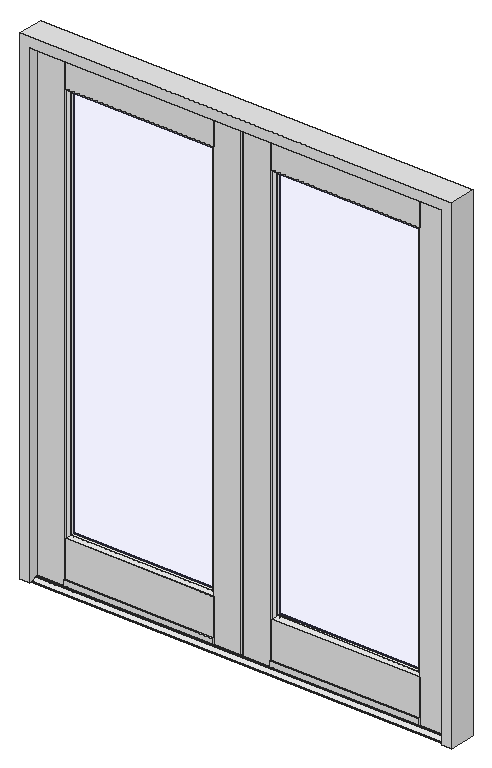
Revit family "kawneer-500_widestile-pr-ctr-03_17321", category Doors, host Wall, Revit 2015
Parameters (values of type "(2)3' x 7' B.R. 7 1/2"")
  URL = "http://www.kawneer.com/kawneer/north_america/en/product.asp?cat_id=1339&prod_id=1816"
  Type Comments = "CENTER HUNG"
  Thickness = 0' - 1 3/4"
  Stile Width = 0' - 5"
  Rough Width = Width + 0' 4"  # 3' - 4"
  Rough Height = Height + 0' 2"  # 7' - 2"
  Product data url = "https://bimobject.com/kawneerna/product/17196"
  Operation = ""
  Opening Width = Width * 2  # 6' - 0"
  Model = "Pair 500 Wide Stile Door Center Set B.R. 7 1/2\""
  Manufacturer = "Kawneer"
  Height = 7' - 0"
  Wall Closure = By host
  Width = 3' - 0"
  Function = Interior
  Door Panel = Kawneer - Fluropon_Bone White-391X035
  Door Glazing = Glass
  Door Frame = Kawneer - Fluropon_Bone White-391X035
  Description = "The \"500\" wide stile entrance door features dual-moment corner construction, and it creates a monumental visual appearance for banks, libraries or buildings experiencing the heaviest traffic conditions."
  Bottom Rail Height = 0' - 7 1/2"
  Assembly Code = "B2030110"
Types (2): name | Operation | Model | Bottom Rail Height
  (2)3' x 7' B.R. 6 1/2" | " " | "Pair 500 Wide Stile Door Center Set B.R. 6 1/2\"" | 0' - 6 1/2"
  (2)3' x 7' B.R. 7 1/2" | "" | "Pair 500 Wide Stile Door Center Set B.R. 7 1/2\"" | 0' - 7 1/2"
Reference planes (in)
  plane 1: y = 0
  plane 2 "Center": x = 0
  plane 3 "Left": x = -36
  plane 4 "Right": x = 36
  plane 5 "Top": z = 84
  plane 6 "Glass center": y = 0.125
  plane 7: z = 8.1875
  plane 8: z = 0.6875
  plane 9: x = 34.125
  plane 10: x = -34.125
  plane 11: x = -31.15625
Forms (in)
  Sweep 1, solid, material "Kawneer - Fluropon_Bone White-391X035" <- "Door Frame"
    path origin (-60, 3, 0) x (-1, 0, 0) y (0, 0, 1)
      loop
        line (-96, 0) -> (-96, 84) -> (-24, 84) -> (-24, 0)
    profile origin (0, 0, 42) x (1, 0, 0) y (0, 1, 0)
      loop
        line (38, 2.25) -> (36.25, 2.25) -> (36.25, -2.25) -> (38, -2.25) -> (38, 2.25)
  Extrusion 2, solid, material "Glass" <- "Door Glazing"
    sketch origin (0, 0.125, 0) x (1, 0, 0) y (0, 0, 1)
      loop
        line (30.96875, 8.375) -> (30.96875, 81.4375) -> (5.41915, 81.4375) -> (5.41915, 8.375) -> (30.96875, 8.375)
    from 0 to 0.25
  Extrusion 3, solid, material "Kawneer - Fluropon_Bone White-391X035" <- "Door Panel"
    sketch origin (0, -1.625, 0.15278) x (0, 1, 0) y (0, 0, 1)
      loop
        line (2.5, 0.53472) -> (2.5, 8.03472) -> (2.43512, 8.03472) -> (2.0085, 8.56703) -> (1.94736, 8.56703)
        arc (1.94736, 8.56703) -> (1.82437, 8.6428) -> (1.75, 8.76663) r 0.30526
        line (1.75, 8.76663) -> (1.75, 8.22222) -> (1.5, 8.22222) -> (1.5, 8.76663)
        arc (1.5, 8.76663) -> (1.42562, 8.6428) -> (1.30264, 8.56703) r 0.30526
        line (1.30264, 8.56703) -> (1.2675, 8.56703) -> (0.82596, 8.03472) -> (0.75, 8.03472) -> (0.75, 1.5921) -> (0.51155, 1.52781) -> (0.51155, 0.64322) -> (0.59155, 0.64322) -> (0.71055, 0.41022)
        arc (0.71055, 0.41022) -> (0.74752, 0.3939) -> (0.76384, 0.43087) r 0.02858
        line (0.76384, 0.43087) -> (0.68155, 0.64322) -> (0.75, 0.64322) -> (0.75, 0.53472) -> (0.888, 0.53472) -> (0.888, 1.25347) -> (2.388, 1.25347) -> (2.388, 0.53472) -> (2.5, 0.53472)
      loop
        line (0.901, 1.37847) -> (2.375, 1.37847) -> (2.375, 7.53572)
        arc (2.375, 7.53572) -> (2.25594, 7.55359) -> (2.201, 7.66072) r 0.1319
        line (2.201, 7.66072) -> (2.201, 7.84722) -> (1.075, 7.84722) -> (1.075, 7.66072)
        arc (1.075, 7.66072) -> (1.02006, 7.55359) -> (0.901, 7.53572) r 0.1319
        line (0.901, 7.53572) -> (0.901, 1.37847)
    from 5.06928 to 31.15625
  Extrusion 4, solid, material "Kawneer - Fluropon_Bone White-391X035" <- "Door Frame", detail levels medium+fine
    sketch origin (0, -1.625, 0) x (0, 1, 0) y (0, 0, 1)
      loop
        line (2.40824, 0.342) -> (2.82032, 0.342) -> (3.31016, 0.1166)
        arc (3.31016, 0.1166) -> (3.33645, 0.09372) -> (3.34624, 0.06027) r 0.062
        line (3.34624, 0.06027) -> (3.34624, 0) -> (3.62824, 0) -> (3.62824, 0.10205)
        arc (3.62824, 0.10205) -> (3.62318, 0.11931) -> (3.60962, 0.13112) r 0.032
        line (3.60962, 0.13112) -> (2.80798, 0.5) -> (2.67111, 0.5)
        arc (2.67111, 0.5) -> (2.63911, 0.468) -> (2.60711, 0.5) r 0.032
        line (2.60711, 0.5) -> (2.45311, 0.5)
        arc (2.45311, 0.5) -> (2.42111, 0.468) -> (2.38911, 0.5) r 0.032
        line (2.38911, 0.5) -> (2.25324, 0.5) -> (2.25324, 0.45) -> (1.00324, 0.45) -> (1.00324, 0.5) -> (0.86737, 0.5)
        arc (0.86737, 0.5) -> (0.83537, 0.468) -> (0.80337, 0.5) r 0.032
        line (0.80337, 0.5) -> (0.64937, 0.5)
        arc (0.64937, 0.5) -> (0.61737, 0.468) -> (0.58537, 0.5) r 0.032
        line (0.58537, 0.5) -> (0.4485, 0.5) -> (-0.35314, 0.13112)
        arc (-0.35314, 0.13112) -> (-0.36671, 0.11931) -> (-0.37176, 0.10205) r 0.032
        line (-0.37176, 0.10205) -> (-0.37176, 0) -> (-0.08976, 0) -> (-0.08976, 0.06027)
        arc (-0.08976, 0.06027) -> (-0.07997, 0.09372) -> (-0.05368, 0.1166) r 0.062
        line (-0.05368, 0.1166) -> (0.43616, 0.342) -> (0.84724, 0.342) -> (0.84724, 0.28492) -> (2.40824, 0.28492) -> (2.40824, 0.342)
    from -36.25 to 36.25
  Extrusion 5, solid, material "Kawneer - Fluropon_Bone White-391X035" <- "Door Panel"
    sketch origin (0, 0, 0) x (1, 0, 0) y (0, 1, 0)
      loop
        line (5.59928, 0.3705) -> (5.06928, 0.81012) -> (5.06928, 0.875) -> (0.22765, 0.875)
        arc (0.22765, 0.875) -> (0.12658, 0.56805) -> (0.06928, 0.25) r 2.3125
        line (0.06928, 0.25) -> (0.25578, 0.25)
        arc (0.25578, 0.25) -> (0.31928, 0.312) -> (0.38178, 0.249) r 0.063
        line (0.38178, 0.249) -> (0.38178, -0.249)
        arc (0.38178, -0.249) -> (0.31928, -0.312) -> (0.25578, -0.25) r 0.063
        line (0.25578, -0.25) -> (0.06928, -0.25)
        arc (0.06928, -0.25) -> (0.12658, -0.56805) -> (0.22765, -0.875) r 2.3125
        line (0.22765, -0.875) -> (5.06928, -0.875) -> (5.06928, -0.81012) -> (5.59928, -0.3705) -> (5.59928, -0.30936)
        arc (5.59928, -0.30936) -> (5.66239, -0.19967) -> (5.76456, -0.125) r 0.30526
        line (5.76456, -0.125) -> (5.41915, -0.125) -> (5.41915, 0.125) -> (5.76456, 0.125)
        arc (5.76456, 0.125) -> (5.66239, 0.19967) -> (5.59928, 0.30936) r 0.30526
        line (5.59928, 0.30936) -> (5.59928, 0.3705)
    from 0.6875 to 84
  Extrusion 6, solid, material "Glass" <- "Door Glazing"
    sketch origin (0, 0.125, 0) x (-1, 0, 0) y (0, 0, -1)
      loop
        line (30.96875, -8.375) -> (5.41915, -8.375) -> (5.41915, -81.4375) -> (30.96875, -81.4375) -> (30.96875, -8.375)
    from 0 to 0.25
  Extrusion 7, solid, material "Kawneer - Fluropon_Bone White-391X035" <- "Door Panel"
    sketch origin (0, -1.625, 0.15278) x (0, 1, 0) y (0, 0, -1)
      loop
        line (2.5, -0.53472) -> (2.388, -0.53472) -> (2.388, -1.25347) -> (0.888, -1.25347) -> (0.888, -0.53472) -> (0.75, -0.53472) -> (0.75, -0.64322) -> (0.68155, -0.64322) -> (0.76384, -0.43087)
        arc (0.76384, -0.43087) -> (0.74752, -0.3939) -> (0.71055, -0.41022) r 0.02858
        line (0.71055, -0.41022) -> (0.59155, -0.64322) -> (0.51155, -0.64322) -> (0.51155, -1.52781) -> (0.75, -1.5921) -> (0.75, -8.03472) -> (0.82596, -8.03472) -> (1.2675, -8.56703) -> (1.30264, -8.56703)
        arc (1.30264, -8.56703) -> (1.42562, -8.6428) -> (1.5, -8.76663) r 0.30526
        line (1.5, -8.76663) -> (1.5, -8.22222) -> (1.75, -8.22222) -> (1.75, -8.76663)
        arc (1.75, -8.76663) -> (1.82437, -8.6428) -> (1.94736, -8.56703) r 0.30526
        line (1.94736, -8.56703) -> (2.0085, -8.56703) -> (2.43512, -8.03472) -> (2.5, -8.03472) -> (2.5, -0.53472)
      loop
        line (0.901, -1.37847) -> (0.901, -7.53572)
        arc (0.901, -7.53572) -> (1.02006, -7.55359) -> (1.075, -7.66072) r 0.1319
        line (1.075, -7.66072) -> (1.075, -7.84722) -> (2.201, -7.84722) -> (2.201, -7.66072)
        arc (2.201, -7.66072) -> (2.25594, -7.55359) -> (2.375, -7.53572) r 0.1319
        line (2.375, -7.53572) -> (2.375, -1.37847) -> (0.901, -1.37847)
    from 5.06928 to 31.15625
  Extrusion 8, solid, material "Kawneer - Fluropon_Bone White-391X035" <- "Door Panel"
    sketch origin (0, -0.125, 23.875) x (0, 1, 0) y (0, 0, 1)
      loop
        line (-0.75, 60.125) -> (-0.75, 55.125) -> (-0.70972, 55.125) -> (-0.24521, 54.565) -> (-0.15138, 54.565) -> (0, 54.41362) -> (0, 54.9075) -> (0.24999, 54.9075) -> (0.24999, 54.44982) -> (0.40117, 54.565) -> (0.49715, 54.565) -> (0.93677, 55.125) -> (1, 55.125) -> (1, 60.125) -> (0.93512, 60.125) -> (0.93512, 59.25) -> (-0.68512, 59.25) -> (-0.68512, 60.125) -> (-0.75, 60.125)
    from 5.06928 to 31.15625
  Extrusion 9, solid, material "Kawneer - Fluropon_Bone White-391X035" <- "Door Panel"
    sketch origin (0, -0.125, 23.875) x (0, 1, 0) y (0, 0, -1)
      loop
        line (-0.75, -60.125) -> (-0.68512, -60.125) -> (-0.68512, -59.25) -> (0.93512, -59.25) -> (0.93512, -60.125) -> (1, -60.125) -> (1, -55.125) -> (0.93677, -55.125) -> (0.49715, -54.595) -> (0.40117, -54.595) -> (0.24999, -54.44982) -> (0.24999, -54.9375) -> (0, -54.9375) -> (0, -54.46231) -> (-0.15138, -54.595) -> (-0.24521, -54.595) -> (-0.68484, -55.125) -> (-0.75, -55.125) -> (-0.75, -60.125)
    from 5.06928 to 31.15625
  Extrusion 10, solid, material "Kawneer - Fluropon_Bone White-391X035" <- "Door Panel"
    sketch origin (36.22553, 0, 0) x (-1, 0, 0) y (0, -1, 0)
      loop
        line (0.22766, -0.875) -> (5.06928, -0.875) -> (5.06928, -0.81012) -> (5.59928, -0.3705) -> (5.59928, -0.30936)
        arc (5.59928, -0.30936) -> (5.66239, -0.19967) -> (5.76456, -0.125) r 0.30526
        line (5.76456, -0.125) -> (5.25678, -0.125) -> (5.25678, 0.125) -> (5.76456, 0.125)
        arc (5.76456, 0.125) -> (5.66239, 0.19967) -> (5.59928, 0.30936) r 0.30526
        line (5.59928, 0.30936) -> (5.59928, 0.3705) -> (5.06928, 0.81012) -> (5.06928, 0.875) -> (0.22765, 0.875)
        arc (0.22765, 0.875) -> (0.12658, 0.56805) -> (0.06928, 0.25) r 2.3125
        line (0.06928, 0.25) -> (0.25578, 0.25)
        arc (0.25578, 0.25) -> (0.31928, 0.312) -> (0.38178, 0.249) r 0.063
        line (0.38178, 0.249) -> (0.38178, -0.249)
        arc (0.38178, -0.249) -> (0.31928, -0.312) -> (0.25578, -0.25) r 0.063
        line (0.25578, -0.25) -> (0.06928, -0.25)
        arc (0.06928, -0.25) -> (0.12658, -0.56805) -> (0.22766, -0.875) r 2.3125
    from 0.6875 to 84
  Extrusion 11, solid, material "Kawneer - Fluropon_Bone White-391X035" <- "Door Panel"
    sketch origin (-36.22553, 0, 0) x (1, 0, 0) y (0, 1, 0)
      loop
        arc (0.22766, 0.875) -> (0.12658, 0.56805) -> (0.06928, 0.25) r 2.3125
        line (0.06928, 0.25) -> (0.25578, 0.25)
        arc (0.25578, 0.25) -> (0.31928, 0.312) -> (0.38178, 0.249) r 0.063
        line (0.38178, 0.249) -> (0.38178, -0.249)
        arc (0.38178, -0.249) -> (0.31928, -0.312) -> (0.25578, -0.25) r 0.063
        line (0.25578, -0.25) -> (0.06928, -0.25)
        arc (0.06928, -0.25) -> (0.12658, -0.56805) -> (0.22765, -0.875) r 2.3125
        line (0.22765, -0.875) -> (5.06928, -0.875) -> (5.06928, -0.81012) -> (5.59928, -0.3705) -> (5.59928, -0.30936)
        arc (5.59928, -0.30936) -> (5.66239, -0.19967) -> (5.76456, -0.125) r 0.30526
        line (5.76456, -0.125) -> (5.25678, -0.125) -> (5.25678, 0.125) -> (5.76456, 0.125)
        arc (5.76456, 0.125) -> (5.66239, 0.19967) -> (5.59928, 0.30936) r 0.30526
        line (5.59928, 0.30936) -> (5.59928, 0.3705) -> (5.06928, 0.81012) -> (5.06928, 0.875) -> (0.22766, 0.875)
    from 0.6875 to 84
  Extrusion 12, solid, material "Kawneer - Fluropon_Bone White-391X035" <- "Door Panel"
    sketch origin (0, 0, 0) x (-1, 0, 0) y (0, -1, 0)
      loop
        line (5.59928, -0.3705) -> (5.59928, -0.30936)
        arc (5.59928, -0.30936) -> (5.66239, -0.19967) -> (5.76456, -0.125) r 0.30526
        line (5.76456, -0.125) -> (5.41915, -0.125) -> (5.41915, 0.125) -> (5.76456, 0.125)
        arc (5.76456, 0.125) -> (5.66239, 0.19967) -> (5.59928, 0.30936) r 0.30526
        line (5.59928, 0.30936) -> (5.59928, 0.3705) -> (5.06928, 0.81012) -> (5.06928, 0.875) -> (0.22765, 0.875)
        arc (0.22765, 0.875) -> (0.12658, 0.56805) -> (0.06928, 0.25) r 2.3125
        line (0.06928, 0.25) -> (0.25578, 0.25)
        arc (0.25578, 0.25) -> (0.31928, 0.312) -> (0.38178, 0.249) r 0.063
        line (0.38178, 0.249) -> (0.38178, -0.249)
        arc (0.38178, -0.249) -> (0.31928, -0.312) -> (0.25578, -0.25) r 0.063
        line (0.25578, -0.25) -> (0.06928, -0.25)
        arc (0.06928, -0.25) -> (0.12658, -0.56805) -> (0.22765, -0.875) r 2.3125
        line (0.22765, -0.875) -> (5.06928, -0.875) -> (5.06928, -0.81012) -> (5.59928, -0.3705)
    from 0.6875 to 84
Lines and regions (in)
  Opening 1
    outline origin (-90, -3, 0) x (1, 0, 0) y (0, 0, 1)
      loop
        line (52, 0) -> (128, 0) -> (128, 86) -> (52, 86) -> (52, 0)
  symbolic lines, style "Elevation Swing"
    curve 1: line (-0.38178, 3, 0.6875) -> (-36, 3, 42)
    curve 2: line (-36, 3, 42) -> (-0.22766, 3, 84.125)
    curve 10: line (0.38178, 3, 0.6875) -> (36, 3, 45.625)
    curve 11: line (36, 3, 45.625) -> (0.22766, 3, 84.125)
  symbolic lines
    curve 3: line (-36, 1, 0) -> (-34.25, 1, 0)
    curve 4: line (-36, 38.25, 0) -> (-36, 1, 0)
    curve 5: line (-34.25, 38.25, 0) -> (-36, 38.25, 0)
    curve 6: line (-34.25, 1, 0) -> (-34.25, 38.25, 0)
    curve 7: arc (-36, 38.25, 0) -> (-10.54416, 27.70584, 0) -> (0, 2.25, 0) r 36
    curve 12: line (36, 1, 0) -> (34.25, 1, 0)
    curve 13: line (36, 38.25, 0) -> (36, 1, 0)
    curve 14: line (34.25, 38.25, 0) -> (36, 38.25, 0)
    curve 15: line (34.25, 1, 0) -> (34.25, 38.25, 0)
    curve 16: arc (36, 38.25, 0) -> (10.54416, 27.70584, 0) -> (0, 2.25, 0) r 36
  model lines
    curve 8: line (0.06928, -1.19557, 0) -> (-0.06928, -1.19557, 0)
    curve 9: line (-0.06928, -1.19557, 0) -> (0.06928, -1.19557, 0)
Text (in)
  text "Exterior" at (-58.67754, 27.31104, 0), in view "Floor Line"
  text "Interior" at (-58.34764, -25.14366, 0), in view "Floor Line"
  text "Exterior" at (0, 40.15149, 123.01588), in view "Right"
  text "Interior" at (0, -64.39139, 123.01588), in view "Right"
  text "Interior" at (0, -31.01599, 123.00693), in view "Left"
  text "Exterior" at (0, 54.57065, 123.00693), in view "Left"
Dimensions and locks (in)
  equal spacing: plane 3 "Left", plane 2 "Center", plane 4 "Right"
  "Height": level to plane 5 "Top"
  "Opening Width": plane 3 "Left" to plane 4 "Right"
  equal spacing: host wall, curve 2, plane 5 "Top"
  locked: plane 4 "Right" to Opening 1 sketch curve at 2
  locked: Opening 1 sketch curve to plane 3 "Left" at 2
  locked: plane 5 "Top" to Opening 1 sketch curve at 2
  locked: Sweep 1 sketch curve to Sweep 1 sketch curve at 4.5
  locked: profile plane to Sweep 1 sketch curve at 2
  "Width": curve 5 to Sweep 1
  "Thickness": plane 3 "Left" to curve 6
  locked: Sweep 1 to Sweep 1 at 1.75  (x2)
  locked: plane 8 to level at 0.6875
  "Bottom Rail Height": plane 7 to plane 8
  equal spacing: Sweep 1 sketch curve, host wall, Sweep 1 sketch curve
  locked: Extrusion 8 sketch curve to Extrusion 8 sketch curve at 1.75
  locked: Extrusion 9 sketch curve to Extrusion 9 sketch curve at 1.75
  locked: plane 3 "Left" to plane 10 at 1.875
  locked: plane 9 to plane 4 "Right" at 1.875
  "Stile Width": Extrusion 10 sketch curve to Extrusion 10 sketch curve
  locked: Extrusion 10 sketch curve to Sweep 1 at 0.09375
  "Stile Width": Extrusion 8 to plane 5 "Top"
  locked: Extrusion 8 sketch curve to Extrusion 8 sketch curve at 0.67518
  "Stile Width": Extrusion 9 sketch curve to plane 5 "Top"
  "Stile Width": Extrusion 11 sketch curve to Extrusion 11 sketch curve
  locked: plane 11 to plane 3 "Left" at 4.84375
  aligned and locked: Opening 1 sketch curve to level
  aligned and locked: plane 3 "Left" to curve 1
  aligned and locked: plane 4 "Right" to Sweep 1 sketch curve
  aligned and locked: Sweep 1 sketch curve to plane 3 "Left"
  aligned and locked: plane 5 "Top" to Sweep 1 sketch curve
  aligned and locked: plane 7 to Extrusion 3 sketch curve  (x2)
  aligned and locked: plane 8 to Extrusion 3
  aligned and locked: Extrusion 4 to Sweep 1  (x2)
  aligned and locked: Extrusion 5 to plane 8
  aligned and locked: Extrusion 8 sketch curve to Extrusion 8 sketch curve  (x2)
  aligned and locked: Extrusion 9 sketch curve to Extrusion 9 sketch curve  (x2)
  aligned and locked: Extrusion 10 sketch curve to Extrusion 10 sketch curve
  aligned and locked: Extrusion 2 to Extrusion 10
  aligned and locked: Extrusion 3 to Extrusion 10
  aligned and locked: Extrusion 8 to Extrusion 10
  aligned and locked: Extrusion 11 sketch curve to Extrusion 11 sketch curve
  aligned and locked: Extrusion 9 to plane 11
  aligned and locked: Extrusion 7 to plane 11
  aligned and locked: Extrusion 6 to Extrusion 11
  aligned and locked: Extrusion 2 to Extrusion 5
  aligned and locked: Extrusion 10 to plane 5 "Top"
  aligned and locked: Extrusion 11 to plane 5 "Top"
  aligned and locked: Extrusion 6 to Extrusion 12
  aligned and locked: Extrusion 5 to plane 5 "Top"
  aligned and locked: Extrusion 12 to plane 5 "Top"
Automatic sketch dimensions
  curve 3 to plane 3 "Left" = 0' - 0"
  curve 7 to plane 2 "Center" = 0' - 0"
  curve 3 to plane 6 "Glass center" = 0' - 0 7/8"
  curve 1 to plane 8 = 0' - 0"
  curve 2 to plane 5 "Top" = 0' - 0 1/8"
  curve 1 to plane 2 "Center" = 0' - 0.38178"
  curve 2 to plane 2 "Center" = 0' - 0.22766"
  Sweep 1 sketch curve to level = 0' - 0"  (x2)
  Sweep 1 sketch curve to profile plane = 0' - 0 1/4"
  plane 7 to Extrusion 2 sketch curve = 0' - 0 3/16"
  plane 2 "Center" to Extrusion 2 sketch curve = 0' - 5.41915"
  plane 5 "Top" to Extrusion 2 sketch curve = 0' - 2 9/16"
  plane 9 to Extrusion 2 sketch curve = 0' - 3 5/32"
  Extrusion 3 sketch curve to plane 8 = 0' - 0"  (x2)
  Extrusion 3 sketch curve to plane 6 "Glass center" = 0' - 0"
  host wall to Extrusion 3 sketch curve = 0' - 0 1/8"
  Extrusion 3 sketch curve to Extrusion 3 sketch curve = 0' - 0.19736"
  Extrusion 3 sketch curve to Extrusion 3 sketch curve = 0' - 0 9/256"
  Extrusion 3 sketch curve to Extrusion 3 sketch curve = 0' - 0.05894"
  host wall to Extrusion 3 sketch curve = 0' - 0.55"
  Extrusion 3 sketch curve to Extrusion 3 sketch curve = 0' - 0.1319"  (x2)
  Extrusion 3 sketch curve to Extrusion 3 sketch curve = 0' - 0.0421"  (x2)
  Extrusion 3 sketch curve to Extrusion 3 sketch curve = 0' - 0.013"
  Extrusion 3 sketch curve to Extrusion 3 sketch curve = 0' - 0.24904"
  Extrusion 3 sketch curve to plane 8 = 0' - 0.10384"
  Extrusion 3 sketch curve to Extrusion 3 sketch curve = 0' - 0.12416"
  Extrusion 3 sketch curve to Extrusion 3 sketch curve = 0' - 0.01384"
  Extrusion 3 sketch curve to Extrusion 3 sketch curve = 0' - 0.07596"
  Extrusion 3 sketch curve to Extrusion 3 sketch curve = 0' - 0.02665"  (x2)
  Extrusion 3 sketch curve to plane 8 = 0' - 0.1245"
  Extrusion 3 sketch curve to Extrusion 3 sketch curve = 0' - 0.06845"
  plane 8 to Extrusion 3 sketch curve = 0' - 0.1085"
  Extrusion 3 sketch curve to Extrusion 3 sketch curve = 0' - 0.09"
  Extrusion 3 sketch curve to Extrusion 3 sketch curve = 0' - 0.23845"
  Extrusion 3 sketch curve to plane 6 "Glass center" = 0' - 0.19736"
  Extrusion 3 sketch curve to Extrusion 3 sketch curve = 0' - 0.06114"
  Extrusion 3 sketch curve to plane 6 "Glass center" = 0' - 0.29144"
  Extrusion 3 sketch curve to plane 6 "Glass center" = 0' - 0.451"
  Extrusion 3 sketch curve to plane 6 "Glass center" = 0' - 0.638"
  Extrusion 3 sketch curve to Extrusion 3 sketch curve = 0' - 0.23412"
  Extrusion 3 sketch curve to Extrusion 3 sketch curve = 0' - 0.06488"
  Extrusion 3 sketch curve to Extrusion 3 sketch curve = 0' - 0"  (x2)
  plane 8 to Extrusion 3 sketch curve = 0' - 0 23/32"
  Extrusion 3 sketch curve to Extrusion 3 sketch curve = 0' - 0 1/8"
  Extrusion 3 sketch curve to Extrusion 3 sketch curve = 0' - 0.14935"
  Extrusion 3 sketch curve to Extrusion 3 sketch curve = 0' - 0.06429"
  Extrusion 3 sketch curve to plane 7 = 0' - 0.499"  (x2)
  Extrusion 3 sketch curve to Extrusion 3 sketch curve = 0' - 0.1865"
  plane 7 to Extrusion 3 sketch curve = 0' - 0 3/16"
  Extrusion 3 sketch curve to Extrusion 3 sketch curve = 0' - 0.34482"  (x2)
  Extrusion 3 sketch curve to Extrusion 3 sketch curve = 0' - 0.1996"
  Extrusion 4 sketch curve to level = 0' - 0"  (x2)
  level to Extrusion 4 sketch curve = 0' - 0.10205"  (x2)
  Extrusion 4 sketch curve to host wall = 0' - 1.00324"
  level to Extrusion 4 sketch curve = 0' - 0.13112"
  Extrusion 4 sketch curve to Extrusion 4 sketch curve = 0' - 0.01862"
  level to Extrusion 4 sketch curve = 0' - 0.06027"  (x2)
  Extrusion 4 sketch curve to Extrusion 4 sketch curve = 0' - 0 1/4"  (x2)
  level to Extrusion 4 sketch curve = 0' - 0.1166"
  Extrusion 4 sketch curve to Extrusion 4 sketch curve = 0' - 0.03608"
  level to Extrusion 4 sketch curve = 0' - 0.342"  (x2)
  Extrusion 4 sketch curve to Extrusion 4 sketch curve = 0' - 0.48984"
  Extrusion 4 sketch curve to plane 8 = 0' - 0 3/16"
  Extrusion 4 sketch curve to Extrusion 4 sketch curve = 0' - 0.01233"  (x2)
  Extrusion 4 sketch curve to Extrusion 4 sketch curve = 0' - 0.13687"  (x2)
  Extrusion 4 sketch curve to Extrusion 4 sketch curve = 0' - 0.032"  (x5)
  Extrusion 4 sketch curve to Extrusion 4 sketch curve = 0' - 0.154"  (x2)
  Extrusion 4 sketch curve to Extrusion 4 sketch curve = 0' - 0.01187"
  Extrusion 4 sketch curve to Extrusion 4 sketch curve = 0' - 0.13587"  (x2)
  Extrusion 4 sketch curve to plane 8 = 0' - 0.2375"
  Extrusion 4 sketch curve to plane 6 "Glass center" = 0' - 0.50324"
  Extrusion 4 sketch curve to Extrusion 4 sketch curve = 0' - 0.01913"
  Extrusion 4 sketch curve to Extrusion 4 sketch curve = 0' - 0.46392"
  Extrusion 4 sketch curve to Extrusion 4 sketch curve = 0' - 0.02592"
  Extrusion 4 sketch curve to Extrusion 4 sketch curve = 0' - 0.062"
  Extrusion 4 sketch curve to Extrusion 4 sketch curve = 0' - 0.01338"
  Extrusion 4 sketch curve to Extrusion 4 sketch curve = 0' - 0.05708"
  Extrusion 4 sketch curve to Extrusion 4 sketch curve = 0' - 0.05"
  curve 16 to plane 2 "Center" = 0' - 0"
  curve 12 to plane 4 "Right" = 0' - 0"
  curve 9 to plane 2 "Center" = 0' - 0.06928"
  curve 8 to curve 9 = 0' - 0"  (x2)
  plane 2 "Center" to curve 9 = 0' - 0.06928"
  curve 12 to plane 9 = 0' - 0 1/8"
  host wall to curve 8 = 0' - 1.19557"
  curve 9 to curve 8 = 0' - 0"
  curve 12 to plane 6 "Glass center" = 0' - 0 7/8"
  curve 16 to host wall = 0' - 0 3/4"
  Extrusion 5 sketch curve to Extrusion 5 sketch curve = 0' - 0"  (x3)
  Extrusion 5 sketch curve to host wall = 0' - 0"
  Extrusion 5 sketch curve to plane 6 "Glass center" = 0' - 0"
  plane 2 "Center" to Extrusion 5 sketch curve = 0' - 0.06928"  (x2)
  plane 2 "Center" to Extrusion 5 sketch curve = 0' - 0.22765"  (x2)
  Extrusion 5 sketch curve to Extrusion 5 sketch curve = 0' - 0.18651"  (x2)
  Extrusion 5 sketch curve to Extrusion 5 sketch curve = 0' - 0.06299"  (x2)
  Extrusion 5 sketch curve to Extrusion 5 sketch curve = 0' - 0.063"
  Extrusion 5 sketch curve to Extrusion 5 sketch curve = 0' - 1.98645"
  Extrusion 5 sketch curve to Extrusion 5 sketch curve = 0' - 2.70105"
  Extrusion 5 sketch curve to Extrusion 5 sketch curve = 0' - 0.34987"
  Extrusion 5 sketch curve to plane 6 "Glass center" = 0' - 0.2455"
  Extrusion 5 sketch curve to Extrusion 5 sketch curve = 0' - 0.18013"  (x2)
  host wall to Extrusion 5 sketch curve = 0' - 0 1/8"
  Extrusion 5 sketch curve to Extrusion 5 sketch curve = 0' - 0.16528"  (x2)
  Extrusion 5 sketch curve to Extrusion 5 sketch curve = 0' - 0.2904"  (x2)
  host wall to Extrusion 5 sketch curve = 0' - 0.249"
  Extrusion 5 sketch curve to Extrusion 5 sketch curve = 0' - 0.18436"
  Extrusion 5 sketch curve to Extrusion 5 sketch curve = 0' - 0.06114"  (x2)
  Extrusion 5 sketch curve to Extrusion 5 sketch curve = 0' - 0.06488"  (x2)
  Extrusion 5 sketch curve to plane 6 "Glass center" = 0' - 0.124"
  Extrusion 6 sketch curve to plane 7 = 0' - 0 3/16"
  plane 2 "Center" to Extrusion 6 sketch curve = 0' - 5.41915"
  Extrusion 6 sketch curve to plane 11 = 0' - 0 3/16"
  Extrusion 6 sketch curve to plane 5 "Top" = 0' - 2 9/16"
  Extrusion 7 sketch curve to plane 7 = 0' - 0"  (x2)
  Extrusion 7 sketch curve to plane 8 = 0' - 0"  (x2)
  Extrusion 7 sketch curve to plane 6 "Glass center" = 0' - 0"
  host wall to Extrusion 7 sketch curve = 0' - 0 1/8"
  Extrusion 7 sketch curve to Extrusion 7 sketch curve = 0' - 0.19736"
  Extrusion 7 sketch curve to Extrusion 7 sketch curve = 0' - 0 9/256"
  Extrusion 7 sketch curve to Extrusion 7 sketch curve = 0' - 0.05894"
  host wall to Extrusion 7 sketch curve = 0' - 0.55"
  Extrusion 7 sketch curve to Extrusion 7 sketch curve = 0' - 0.1319"  (x2)
  Extrusion 7 sketch curve to Extrusion 7 sketch curve = 0' - 0.0421"  (x2)
  Extrusion 7 sketch curve to Extrusion 7 sketch curve = 0' - 0.013"
  Extrusion 7 sketch curve to Extrusion 7 sketch curve = 0' - 0.24904"
  Extrusion 7 sketch curve to plane 8 = 0' - 0.10384"
  Extrusion 7 sketch curve to Extrusion 7 sketch curve = 0' - 0.12416"
  Extrusion 7 sketch curve to Extrusion 7 sketch curve = 0' - 0.01384"
  Extrusion 7 sketch curve to Extrusion 7 sketch curve = 0' - 0.07596"
  Extrusion 7 sketch curve to Extrusion 7 sketch curve = 0' - 0.02665"  (x2)
  Extrusion 7 sketch curve to plane 8 = 0' - 0.1245"
  Extrusion 7 sketch curve to Extrusion 7 sketch curve = 0' - 0.06845"
  plane 8 to Extrusion 7 sketch curve = 0' - 0.1085"  (x2)
  Extrusion 7 sketch curve to Extrusion 7 sketch curve = 0' - 0.09"
  Extrusion 7 sketch curve to Extrusion 7 sketch curve = 0' - 0.23845"
  Extrusion 7 sketch curve to plane 6 "Glass center" = 0' - 0.19736"
  Extrusion 7 sketch curve to Extrusion 7 sketch curve = 0' - 0.06114"
  Extrusion 7 sketch curve to plane 6 "Glass center" = 0' - 0.29144"
  Extrusion 7 sketch curve to plane 6 "Glass center" = 0' - 0.451"
  Extrusion 7 sketch curve to plane 6 "Glass center" = 0' - 0.638"
  Extrusion 7 sketch curve to Extrusion 7 sketch curve = 0' - 0.23412"
  Extrusion 7 sketch curve to Extrusion 7 sketch curve = 0' - 0.06488"
  plane 7 to Extrusion 7 sketch curve = 0' - 0 3/16"
  Extrusion 7 sketch curve to Extrusion 7 sketch curve = 0' - 0.34482"  (x2)
  Extrusion 7 sketch curve to Extrusion 7 sketch curve = 0' - 0.1996"
  Extrusion 7 sketch curve to Extrusion 7 sketch curve = 0' - 0"
  Extrusion 7 sketch curve to plane 7 = 0' - 0 3/16"
  Extrusion 7 sketch curve to Extrusion 7 sketch curve = 0' - 0.1865"  (x2)
  Extrusion 7 sketch curve to Extrusion 7 sketch curve = 0' - 0.94889"
  Extrusion 7 sketch curve to Extrusion 7 sketch curve = 0' - 0.06429"
  plane 8 to Extrusion 7 sketch curve = 0' - 0 27/32"
  Extrusion 7 sketch curve to Extrusion 7 sketch curve = 0' - 0 1/8"
  curve 10 to plane 4 "Right" = 0' - 0"
  curve 10 to plane 8 = 0' - 0"
  plane 2 "Center" to curve 10 = 0' - 0.38178"
  plane 2 "Center" to curve 11 = 0' - 0.22766"
  plane 7 to curve 11 = 3' - 1 7/16"
  curve 11 to plane 5 "Top" = 0' - 0 1/8"
  Extrusion 8 sketch curve to plane 5 "Top" = 0' - 0"
  Extrusion 8 sketch curve to plane 6 "Glass center" = 0' - 0"
  host wall to Extrusion 8 sketch curve = 0' - 0 1/8"
  Extrusion 8 sketch curve to Extrusion 8 sketch curve = 0' - 0.15138"  (x2)
  Extrusion 8 sketch curve to Extrusion 8 sketch curve = 0' - 0.09383"
  host wall to Extrusion 8 sketch curve = 0' - 0.81012"
  Extrusion 8 sketch curve to Extrusion 8 sketch curve = 0' - 0.4645"
  Extrusion 8 sketch curve to Extrusion 8 sketch curve = 0' - 0.06488"  (x2)
  Extrusion 8 sketch curve to plane 6 "Glass center" = 0' - 0.15117"
  Extrusion 8 sketch curve to Extrusion 8 sketch curve = 0' - 0.09598"
  Extrusion 8 sketch curve to Extrusion 8 sketch curve = 0' - 0.06323"
  plane 5 "Top" to Extrusion 8 sketch curve = 0' - 0 7/8"
  Extrusion 8 sketch curve to Extrusion 8 sketch curve = 0' - 4 1/8"
  Extrusion 8 sketch curve to Extrusion 8 sketch curve = 0' - 0.45769"
  Extrusion 8 sketch curve to Extrusion 8 sketch curve = 0' - 0.11519"
  Extrusion 8 sketch curve to Extrusion 8 sketch curve = 0' - 0.3425"
  Extrusion 9 sketch curve to plane 5 "Top" = 0' - 0"
  Extrusion 9 sketch curve to plane 6 "Glass center" = 0' - 0"
  host wall to Extrusion 9 sketch curve = 0' - 0 1/8"
  Extrusion 9 sketch curve to Extrusion 9 sketch curve = 0' - 0.15138"
  Extrusion 9 sketch curve to Extrusion 9 sketch curve = 0' - 0.09383"
  Extrusion 9 sketch curve to Extrusion 9 sketch curve = 0' - 0.43962"
  host wall to Extrusion 9 sketch curve = 0' - 0.81012"
  Extrusion 9 sketch curve to Extrusion 9 sketch curve = 0' - 0.06488"  (x2)
  Extrusion 9 sketch curve to plane 6 "Glass center" = 0' - 0.15117"
  Extrusion 9 sketch curve to Extrusion 9 sketch curve = 0' - 0.09598"
  Extrusion 9 sketch curve to Extrusion 9 sketch curve = 0' - 0.06323"
  plane 5 "Top" to Extrusion 9 sketch curve = 0' - 0 7/8"
  Extrusion 9 sketch curve to Extrusion 9 sketch curve = 0' - 0 3/16"
  Extrusion 9 sketch curve to Extrusion 9 sketch curve = 0' - 0.3425"  (x2)
  Extrusion 9 sketch curve to Extrusion 9 sketch curve = 0' - 0.13269"
  Extrusion 9 sketch curve to Extrusion 9 sketch curve = 0' - 0.14518"
  Extrusion 10 sketch curve to Extrusion 10 sketch curve = 0' - 0"  (x2)
  Extrusion 10 sketch curve to host wall = 0' - 0"
  Extrusion 10 sketch curve to plane 6 "Glass center" = 0' - 0"
  plane 4 "Right" to Extrusion 10 sketch curve = 0' - 0 5/32"
  Extrusion 10 sketch curve to plane 4 "Right" = 0' - 0.00212"
  Extrusion 10 sketch curve to plane 4 "Right" = 0' - 0.00213"
  Extrusion 10 sketch curve to plane 4 "Right" = 0' - 0.03025"  (x2)
  Extrusion 10 sketch curve to Extrusion 10 sketch curve = 0' - 0.06299"  (x2)
  Extrusion 10 sketch curve to Extrusion 10 sketch curve = 0' - 0.063"
  Extrusion 10 sketch curve to plane 9 = 0' - 0.26769"
  Extrusion 10 sketch curve to host wall = 0' - 0 1/8"
  Extrusion 10 sketch curve to Extrusion 10 sketch curve = 0' - 0 3/16"
  Extrusion 10 sketch curve to Extrusion 10 sketch curve = 0' - 0.3425"  (x2)
  plane 6 "Glass center" to Extrusion 10 sketch curve = 0' - 0.18436"
  Extrusion 10 sketch curve to Extrusion 10 sketch curve = 0' - 0.16528"  (x2)
  Extrusion 10 sketch curve to Extrusion 10 sketch curve = 0' - 0.2904"
  plane 6 "Glass center" to Extrusion 10 sketch curve = 0' - 0.27844"
  Extrusion 10 sketch curve to host wall = 0' - 0.249"
  Extrusion 10 sketch curve to Extrusion 10 sketch curve = 0' - 0.18436"
  Extrusion 10 sketch curve to Extrusion 10 sketch curve = 0' - 0.06114"  (x2)
  Extrusion 10 sketch curve to Extrusion 10 sketch curve = 0' - 0.06488"  (x2)
  plane 6 "Glass center" to Extrusion 10 sketch curve = 0' - 0.124"
  Extrusion 11 sketch curve to Extrusion 11 sketch curve = 0' - 0"  (x2)
  Extrusion 11 sketch curve to host wall = 0' - 0"
  Extrusion 11 sketch curve to plane 11 = 0' - 0"
  Extrusion 11 sketch curve to plane 6 "Glass center" = 0' - 0"
  plane 3 "Left" to Extrusion 11 sketch curve = 0' - 0 5/32"
  Extrusion 11 sketch curve to plane 3 "Left" = 0' - 0.00212"
  Extrusion 11 sketch curve to plane 3 "Left" = 0' - 0.00213"
  Extrusion 11 sketch curve to plane 3 "Left" = 0' - 0.03025"  (x2)
  Extrusion 11 sketch curve to Extrusion 11 sketch curve = 0' - 0.06299"  (x2)
  Extrusion 11 sketch curve to Extrusion 11 sketch curve = 0' - 0.063"
  plane 10 to Extrusion 11 sketch curve = 0' - 0.26769"
  host wall to Extrusion 11 sketch curve = 0' - 0 1/8"
  plane 11 to Extrusion 11 sketch curve = 0' - 0 3/16"
  Extrusion 11 sketch curve to Extrusion 11 sketch curve = 0' - 0.3425"  (x2)
  Extrusion 11 sketch curve to plane 6 "Glass center" = 0' - 0.18436"
  Extrusion 11 sketch curve to Extrusion 11 sketch curve = 0' - 0.16528"  (x2)
  Extrusion 11 sketch curve to Extrusion 11 sketch curve = 0' - 0.2904"
  Extrusion 11 sketch curve to plane 6 "Glass center" = 0' - 0.27844"
  host wall to Extrusion 11 sketch curve = 0' - 0.249"
  Extrusion 11 sketch curve to Extrusion 11 sketch curve = 0' - 0.18436"
  Extrusion 11 sketch curve to Extrusion 11 sketch curve = 0' - 0.06114"  (x2)
  Extrusion 11 sketch curve to Extrusion 11 sketch curve = 0' - 0.06488"  (x2)
  Extrusion 11 sketch curve to plane 6 "Glass center" = 0' - 0.124"
  Extrusion 12 sketch curve to Extrusion 12 sketch curve = 0' - 0"  (x3)
  Extrusion 12 sketch curve to host wall = 0' - 0"
  Extrusion 12 sketch curve to plane 6 "Glass center" = 0' - 0"
  plane 2 "Center" to Extrusion 12 sketch curve = 0' - 0.06928"  (x2)
  plane 2 "Center" to Extrusion 12 sketch curve = 0' - 0.22765"  (x2)
  Extrusion 12 sketch curve to Extrusion 12 sketch curve = 0' - 0.18651"  (x2)
  Extrusion 12 sketch curve to Extrusion 12 sketch curve = 0' - 0.06299"  (x2)
  Extrusion 12 sketch curve to Extrusion 12 sketch curve = 0' - 0.063"
  Extrusion 12 sketch curve to Extrusion 12 sketch curve = 0' - 1.98645"
  Extrusion 12 sketch curve to Extrusion 12 sketch curve = 0' - 2.70105"
  Extrusion 12 sketch curve to Extrusion 12 sketch curve = 0' - 0.34987"
  plane 6 "Glass center" to Extrusion 12 sketch curve = 0' - 0.2455"
  Extrusion 12 sketch curve to Extrusion 12 sketch curve = 0' - 0.18013"  (x2)
  Extrusion 12 sketch curve to host wall = 0' - 0 1/8"
  Extrusion 12 sketch curve to Extrusion 12 sketch curve = 0' - 0.16528"  (x2)
  Extrusion 12 sketch curve to Extrusion 12 sketch curve = 0' - 0.2904"  (x2)
  Extrusion 12 sketch curve to host wall = 0' - 0.249"
  Extrusion 12 sketch curve to Extrusion 12 sketch curve = 0' - 0.18436"
  Extrusion 12 sketch curve to Extrusion 12 sketch curve = 0' - 0.06114"  (x2)
  Extrusion 12 sketch curve to Extrusion 12 sketch curve = 0' - 0.06488"  (x2)
  plane 6 "Glass center" to Extrusion 12 sketch curve = 0' - 0.124"
